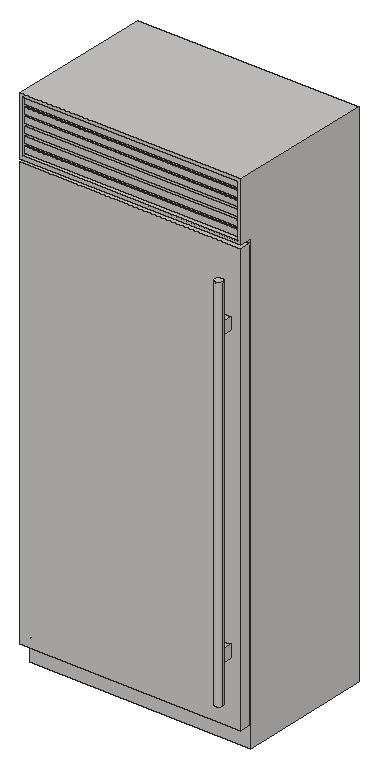
Revit family "2bbe1e34e17545a9b7b9e7e52ed3c18d", category Specialty Equipment, Revit 2021
Family settings
  Round Connector Dimension = Use Diameter
  Part Type = Normal
  OmniClass Number = 23.40.40.14
  OmniClass Title = Food Service Equipment
  Work Plane-Based = No
  Always vertical = Yes
  Cut with Voids When Loaded = No
  Shared = No
  Room Calculation Point = No
Parameters (values of type "36" LH")
  Width = 3' - 0"
  Wall Offset = 0' - 4"
  Voltage = 120 V
  Type Comments = ""
  Show Label = yes
  RH = no
  Power Consumption = 1000 VA
  Label = "Refrigerator"
  LH = not(RH)  # yes
  Height = 7' - 0"
  Handle Centerline = if(RH, 0' 2", (Width - 0' 2"))  # 2' - 10"
  Gasket = Appliance - Gasket
  Description = "Stainless Steel Door Refrigerator"
  Depth = 2' - 0"
  Default Elevation = 0' - 0"
  Assembly Code = "E1090320"
  Appliance Finish = Appliance - Stainless Steel
  Amperage = Power Consumption / Voltage  # 8.33333 A
Types (2): name | RH | LH | Handle Centerline
  36" LH | no | yes | 2' - 10"
  36" RH | yes | no | 0' - 2"
Reference planes (in)
  plane 1 "Back": y = 0
  plane 2: z = 0
  plane 3 "Center (Left/Right)": x = 0
  plane 4 "Left": x = -18
  plane 5 "Right": x = 18
  plane 6: y = -4
  plane 7 "Front": y = -28
  plane 8 "Door Back": y = -26
  plane 9 "Top": z = 84
  plane 10 "B.O. Door": z = 3.5
  plane 11: z = 74.375
  plane 12: x = 16
  plane 13: z = 69.375
  plane 14: z = 7.5
Forms (in)
  Extrusion 1, solid, material "Appliance - Stainless Steel" <- "Appliance Finish"
    sketch origin (0, 0, 0) x (1, 0, 0) y (0, 1, 0)
      loop
        line (-18, -4) -> (-18, -26) -> (18, -26) -> (18, -4) -> (-18, -4)
    from 0 to 84
  Extrusion 2, solid, material "Appliance - Stainless Steel" <- "Appliance Finish"
    sketch origin (0, -28, 0) x (-1, 0, 0) y (0, 0, 1)
      loop
        line (18, 84) -> (-18, 84) -> (-18, 74.375) -> (18, 74.375) -> (18, 84)
      loop
        line (17.5, 83.5) -> (-17.5, 83.5) -> (-17.5, 74.875) -> (17.5, 74.875) -> (17.5, 83.5)
    from 0 to 2
  Extrusion 3, solid, material "Appliance - Stainless Steel" <- "Appliance Finish"
    sketch origin (0, 0, 0) x (0, 1, 0) y (0, 0, 1)
      loop
        line (-26, 75.00892) -> (-27.75, 75.47783) -> (-27.75, 76.3774) -> (-27.875, 76.3774) -> (-27.875, 75.3774) -> (-26, 74.875) -> (-26, 75.00892)
      loop
        line (-26, 76.43344) -> (-27.75, 76.90235) -> (-27.75, 77.80192) -> (-27.875, 77.80192) -> (-27.875, 76.80192) -> (-26, 76.29952) -> (-26, 76.43344)
      loop
        line (-26, 77.85796) -> (-27.75, 78.32687) -> (-27.75, 79.22644) -> (-27.875, 79.22644) -> (-27.875, 78.22644) -> (-26, 77.72404) -> (-26, 77.85796)
      loop
        line (-26, 79.28248) -> (-27.75, 79.75139) -> (-27.75, 80.65096) -> (-27.875, 80.65096) -> (-27.875, 79.65096) -> (-26, 79.14856) -> (-26, 79.28248)
      loop
        line (-26, 80.707) -> (-27.75, 81.17591) -> (-27.75, 82.07548) -> (-27.875, 82.07548) -> (-27.875, 81.07548) -> (-26, 80.57308) -> (-26, 80.707)
      loop
        line (-26, 82.13151) -> (-27.75, 82.60043) -> (-27.75, 83.5) -> (-27.875, 83.5) -> (-27.875, 82.5) -> (-26, 81.9976) -> (-26, 82.13151)
    from -17.5 to 17.5
  Extrusion 4, solid, material "Appliance - Stainless Steel" <- "Appliance Finish", detail levels fine
    sketch origin (0, -28, 0) x (-1, 0, 0) y (0, 0, 1)
      loop
        line (-15.625, 63.375) -> (-16.375, 63.375) -> (-16.375, 61.375) -> (-15.625, 61.375) -> (-15.625, 63.375)
      loop
        line (-15.625, 15.5) -> (-16.375, 15.5) -> (-16.375, 13.5) -> (-15.625, 13.5) -> (-15.625, 15.5)
    from -1.67554 to 0
  Extrusion 5, solid, material "Appliance - Stainless Steel" <- "Appliance Finish", detail levels fine
    sketch origin (0, 0, 0) x (1, 0, 0) y (0, 1, 0)
      loop
        circle (16, -30.01473) r 0.625
    from 7.5 to 69.375
  Extrusion 6, solid, material "Appliance - Stainless Steel" <- "Appliance Finish"
    sketch origin (0, -28, 0) x (-1, 0, 0) y (0, 0, 1)
      loop
        line (18, 73.875) -> (-18, 73.875) -> (-18, 3.5) -> (18, 3.5) -> (18, 73.875)
    from 0 to 1.75
  Sweep 7, solid, material "Appliance - Gasket" <- "Gasket", detail levels fine
    path in 3D
      loop
        line (-18, -28, 73.875) -> (-18, -28, 3.5) -> (18, -28, 3.5) -> (18, -28, 73.875) -> (-18, -28, 73.875)
    profile origin (0, -28, 73.875) x (0, -1, 0) y (0, 0, 1)
      loop
        line (-2, -0.125) -> (-2, -0.25) -> (-1.75, -0.25) -> (-1.75, -0.125)
        arc (-1.75, -0.125) -> (-1.875, 0) -> (-2, -0.125) r 0.125
Cuts and joins
  joined: Extrusion 1, Extrusion 2
  joined: Extrusion 4, Extrusion 5
Lines and regions (in)
  Split face 1
    outline origin (-18, -4, 0) x (1, 0, 0) y (0, 0, -1)
      loop
        circle (30, -78) r 2
  Split face 2
    outline origin (-18, -4, 0) x (1, 0, 0) y (0, 0, -1)
      loop
        circle (18, -3.5) r 2
  Masking region 1
    outline origin (0, 0, 0) x (1, 0, 0) y (0, 1, 0)
      loop
        line (-18, -4) -> (-18, -28) -> (18, -28) -> (18, -4) -> (-18, -4)
  Masking region 2, detail levels fine
    outline origin (0, 0, 0) x (1, 0, 0) y (0, 1, 0)
      loop
        line (16.375, -29.51473) -> (16.375, -28) -> (15.625, -28) -> (15.625, -29.51473)
        arc (15.625, -29.51473) -> (15.44098, -29.73522) -> (15.375, -30.01473) r 0.625
        arc (15.375, -30.01473) -> (16, -30.63973) -> (16.625, -30.01473) r 0.625
        arc (16.625, -30.01473) -> (16.55902, -29.73522) -> (16.375, -29.51473) r 0.625
  symbolic lines, style "Appliances - Plan Swing", visible <- "LH", detail levels medium+fine
    curve 1: arc (18, -28, 0) -> (7.45584, -53.45584, 0) -> (-18, -64, 0) r 36
    curve 2: line (-18, -28, 0) -> (-18, -64, 0)
  symbolic lines, style "Appliances - Plan Swing", visible <- "RH", detail levels medium+fine
    curve 3: arc (-18, -28, 0) -> (-7.45584, -53.45584, 0) -> (18, -64, 0) r 36
    curve 4: line (18, -64, 0) -> (18, -28, 0)
  sketch lines
    curve 5: line (18, -28, 73.875) -> (-18, -28, 73.875)
    curve 6: line (18, -28, 3.5) -> (18, -28, 73.875)
    curve 7: line (-18, -28, 3.5) -> (18, -28, 3.5)
    curve 8: line (-18, -28, 73.875) -> (-18, -28, 3.5)
  symbolic lines, style "Appliances"
    curve 9: line (-18, -4, 0) -> (18, -4, 0)
    curve 10: line (-18, -28, 0) -> (-18, -4, 0)
    curve 11: line (18, -28, 0) -> (-18, -28, 0)
    curve 12: line (18, -4, 0) -> (18, -28, 0)
    curve 13: line (-18, -26, 0) -> (18, -26, 0)
  symbolic lines, style "Appliances", detail levels fine
    curve 14: arc (16.625, -30.01473, 0) -> (16, -29.38973, 0) -> (15.375, -30.01473, 0) r 0.625
    curve 15: arc (15.375, -30.01473, 0) -> (16, -30.63973, 0) -> (16.625, -30.01473, 0) r 0.625
    curve 16: line (16.375, -29.51473, 0) -> (16.375, -28, 0)
    curve 17: line (15.625, -28, 0) -> (15.625, -29.51473, 0)
Dimensions and locks (in)
  equal spacing: plane 4 "Left", plane 3 "Center (Left/Right)", plane 5 "Right"
  "Width": plane 4 "Left" to plane 5 "Right"
  "Depth": plane 6 to plane 7 "Front"
  "Wall Offset": plane 1 "Back" to plane 6
  "Height": plane 9 "Top" to level
  plane 10 "B.O. Door" to level = 0' - 3 1/2"
  locked: plane 8 "Door Back" to plane 7 "Front" at 2
  locked: plane 9 "Top" to plane 11 at 9.625
  locked: cut or joined group of Extrusion 1, Extrusion 2 to plane 4 "Left" at 0.5
  locked: plane 5 "Right" to cut or joined group of Extrusion 1, Extrusion 2 at 0.5
  locked: plane 11 to plane 13 at 5
  plane 14 to plane 10 "B.O. Door" = 0' - 4"
  Extrusion 4 sketch curve to plane 12 to Extrusion 4 sketch curve = 0' - 0 3/8" locked, 0' - 0 3/8" locked  (x2)
  plane 13 to Extrusion 4 sketch curve to Extrusion 4 sketch curve = 0' - 6" locked, 0' - 2" locked
  Extrusion 4 sketch curve to Extrusion 4 sketch curve to plane 14 = 0' - 2" locked, 0' - 6" locked
  locked: plane 7 "Front" to Extrusion 5 sketch curve at 2.01473
  locked: Split face 1 sketch curve to plane 9 "Top" at 6
  locked: plane 5 "Right" to Split face 1 sketch curve at 6
  "Handle Centerline": plane 4 "Left" to plane 12
  locked: plane 11 to Extrusion 6 sketch curve at 0.5
  locked: plane 11 to Sweep 7 sketch curve at 0.75
  equal spacing: plane 6, nested 1, plane 8 "Door Back"
  "Width": radius of curve 3
  "Width": radius of curve 1
  aligned and locked: plane 2 to level
  aligned and locked: Extrusion 1 sketch curve to plane 6
  aligned and locked: plane 4 "Left" to Extrusion 1 sketch curve
  aligned and locked: plane 8 "Door Back" to Extrusion 1 sketch curve
  aligned and locked: Extrusion 1 sketch curve to plane 5 "Right"
  aligned and locked: plane 9 "Top" to Extrusion 1
  aligned and locked: Extrusion 2 sketch curve to Extrusion 1  (x2)
  aligned and locked: plane 11 to Extrusion 2 sketch curve
  aligned and locked: Extrusion 2 sketch curve to plane 5 "Right"
  aligned and locked: plane 8 "Door Back" to Extrusion 2
  aligned and locked: Extrusion 3 to Extrusion 2  (x2)
  aligned and locked: plane 7 "Front" to Extrusion 4
  aligned and locked: plane 12 to Extrusion 5 sketch curve
  aligned and locked: Extrusion 5 to plane 14
  aligned and locked: plane 13 to Extrusion 5
  aligned and locked: plane 3 "Center (Left/Right)" to Split face 2 sketch curve
  aligned and locked: plane 10 "B.O. Door" to Split face 2 sketch curve
  aligned and locked: plane 13 to cut or joined group of Extrusion 4, Extrusion 5
  aligned and locked: plane 4 "Left" to Extrusion 6 sketch curve
  aligned and locked: Extrusion 6 sketch curve to plane 5 "Right"
  aligned and locked: plane 10 "B.O. Door" to Extrusion 6 sketch curve
  aligned and locked: plane 3 "Center (Left/Right)" to nested 1
  aligned and locked: Masking region 1 sketch curve to plane 5 "Right"
  aligned and locked: Masking region 1 sketch curve to plane 6
  aligned and locked: plane 4 "Left" to Masking region 1 sketch curve
  aligned and locked: plane 7 "Front" to Masking region 1 sketch curve
  aligned and locked: Masking region 2 sketch curve to cut or joined group of Extrusion 4, Extrusion 5  (x5)
  aligned and locked: Masking region 2 sketch curve to plane 7 "Front"
Automatic sketch dimensions
  Extrusion 2 sketch curve to plane 5 "Right" = 0' - 0 1/2"
  plane 4 "Left" to Extrusion 2 sketch curve = 0' - 0 1/2"
  plane 11 to Extrusion 2 sketch curve = 0' - 0 1/2"
  Extrusion 2 sketch curve to plane 9 "Top" = 0' - 0 1/2"
  Extrusion 3 sketch curve to plane 8 "Door Back" = 0' - 0"  (x6)
  plane 7 "Front" to Extrusion 3 sketch curve = 0' - 0 1/4"  (x6)
  Extrusion 3 sketch curve to Extrusion 3 sketch curve = 0' - 0 1/8"  (x2)
  plane 7 "Front" to Extrusion 3 sketch curve = 0' - 0 1/8"  (x4)
  plane 11 to Extrusion 3 sketch curve = 0' - 0 1/2"
  Extrusion 3 sketch curve to Extrusion 3 sketch curve = 0' - 0.13392"  (x6)
  plane 11 to Extrusion 3 sketch curve = 0' - 1.0024"
  Extrusion 3 sketch curve to Extrusion 3 sketch curve = 0' - 0.10043"  (x6)
  Extrusion 3 sketch curve to Extrusion 3 sketch curve = 0' - 1.2906"  (x5)
  Extrusion 3 sketch curve to Extrusion 3 sketch curve = 0' - 0.89957"  (x5)
  Extrusion 3 sketch curve to Extrusion 3 sketch curve = 0' - 0.42452"  (x5)
  Extrusion 3 sketch curve to plane 9 "Top" = 0' - 0 1/2"
  Sweep 7 sketch curve to Sweep 7 sketch curve = 0' - 0 1/8"
  Sweep 7 sketch curve to profile plane = 0' - 0 1/8"
  profile plane to Sweep 7 sketch curve = 0' - 2"
  curve 1 to plane 4 "Left" = 0' - 0"
  curve 17 to plane 7 "Front" = 0' - 0"
  curve 15 to plane 12 = 0' - 0"
  curve 13 to plane 8 "Door Back" = 0' - 0"
  curve 9 to plane 6 = 0' - 0"
  curve 15 to plane 7 "Front" = 0' - 2.01473"
  curve 15 to plane 12 = 0' - 0 5/8"
  curve 17 to plane 12 = 0' - 0 3/8"
  plane 12 to curve 16 = 0' - 0 3/8"
  radius of Extrusion 5 sketch curve = 0' - 0 5/8"
  radius of Split face 1 sketch curve = 0' - 2"
  radius of Split face 2 sketch curve = 0' - 2"
Nested families (in)
  nested 1: "Label Annotation 3-32" at (0, -15, 0), visible <- "Show Label", type "Label Annotation 3-32"
Connectors (in)
  electrical at (12, -4, 78), driven by "Voltage", driven by "Power Consumption"
    settings: on Extrusion 1, index 1, voltage 120 V, apparent load 1000 VA, apparent load phase1 0 VA, apparent load phase2 0 VA, apparent load phase3 0 VA, power factor 1, load classification "Appliance", number of poles 1, system type 30, power factor state 1, is connector primary yes, connector utility no, sub classification motor no, connector description "Refrigerator Power"
  piping at (0, -4, 3.5), diameter 0.25
    settings: on Extrusion 1, index 2, connector inside diameter 24", connector length 0' - 0", flow factor 0, pipe flow 0 GPM, pressure drop 0.00 psi, fitting loss kfactor 0, connector angle 0.00°, fixture units 1, engagement length 0' - 0", angle of deflection 0.00°, flow configuration 3, flow direction 1, fitting loss method 0, system type 20, joint type 0, gender type 0, connector reference index -1, connector utility 0, adjustable connector no, is connector primary yes, connector description "Ice - Water Supply"
Definition of nested family "Label Annotation 3-32"
  Parameters
    Label = "Freezer 36 LH"
  Reference planes (in)
    plane 1: y = 0
    plane 2: x = 0
  Text (in)
    label "Label" at (0.00375, -0.00345, 0), shows "Label"
